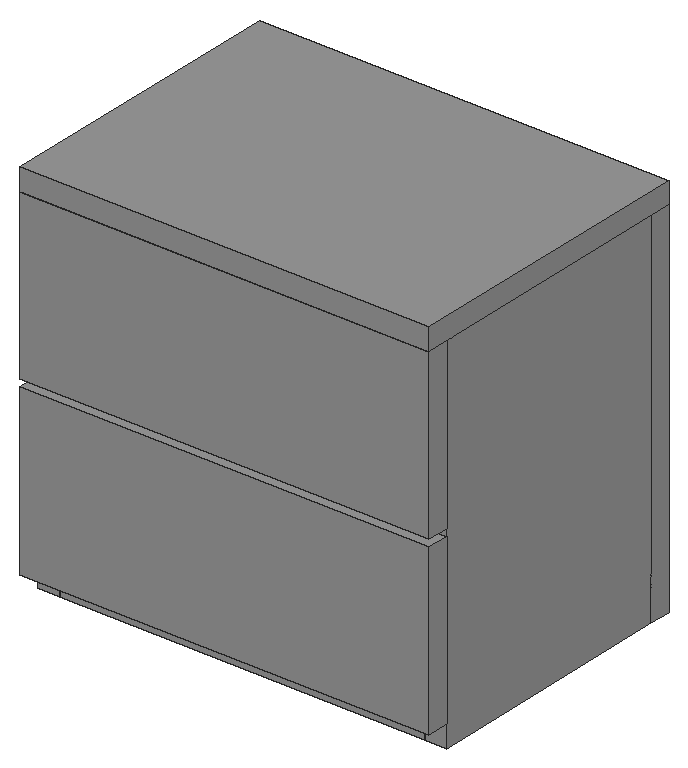
Revit family "MBS_bedside table", category Generic Models, Revit 2014
Parameters (values of type "bedside table main room")
  top thickness = 50 mm
  panel thickness = 30 mm
  closet material = Polyvinyl Chloride, Rigid BEDSIDE2 MBS
  c_top widht = 560 mm
  c_top depht = 410 mm
  c_drawer side widht = c_clos bas pan depht  # 350 mm
  c_drawer front widht = c_clos bas pan widht + 2 * panel thickness  # 560 mm
  c_drawer front height = 230 mm
  c_draw side height = 200 mm
  c_draw bott widht = c_clos bas pan widht - 2 * panel thickness  # 440 mm
  c_darw bott depht = c_clos bas pan depht  # 350 mm
  c_clos side panel depht = c_clos bas pan depht  # 350 mm
  c_clos side pan height = 500 mm
  c_clos bas pan widht = 500 mm
  c_clos bas pan depht = 350 mm
  c_clos back pan widht = c_clos bas pan widht + 2 * panel thickness  # 560 mm
  c_clos back pan height = c_clos side pan height  # 500 mm
Types (3, lengths in mm): name | closet material
  (no name) | Polyvinyl Chloride, Rigid BEDSIDE2 MBS
  bedside table main room | Polyvinyl Chloride, Rigid BEDSIDE2 MBS
  bedside table second room | Polyvinyl Chloride, Rigid BEDSIDE TABLE1 MBS
Reference planes
  plane 1 "Center (Front/Back)": y = 0
  plane 2: z = 0
  plane 3 "Center (Left/Right)": x = 0
  plane 4: y = 372.203
  plane 5: x = 297.839
  plane 6: y = 22.203
  plane 7: x = -202.161
  plane 8: x = -342.161
  plane 9: y = 372.203
  plane 10: y = 22.203
  plane 11: z = 0
  plane 12: z = 500
  plane 13: x = 297.839
  plane 14: x = 297.839
  plane 15: x = 297.839
  plane 16: x = 297.839
  plane 17: x = 297.839
  plane 18: x = 297.839
  plane 19: z = 0
  plane 20: y = 372.203
  plane 21: y = 22.203
  plane 22: z = 500
  plane 23: x = 297.839
  plane 24: x = 297.839
  plane 25: z = 470
  plane 26: y = 372.203
  plane 27: y = 22.203
  plane 28: x = 297.839
  plane 29: x = -202.161
  plane 30: y = 372.203
  plane 31: z = 0
  plane 32: z = 500
  plane 33: x = 327.839
  plane 34: x = -232.161
  plane 35: z = 30
  plane 36: y = 372.203
  plane 37: y = 22.203
  plane 38: z = 230
  plane 39: z = 270
  plane 40: y = 372.203
  plane 41: y = 22.203
  plane 42: z = 470
  plane 43: z = 30
  plane 44: y = 372.203
  plane 45: y = 22.203
  plane 46: z = 230
  plane 47: z = 270
  plane 48: y = 372.203
  plane 49: y = 22.203
  plane 50: z = 470
  plane 51: y = -117.797
  plane 52: z = 500
  plane 53: x = 327.839
  plane 54: z = 270
  plane 55: x = -232.161
  plane 56: z = 260
  plane 57: x = 327.839
  plane 58: z = 30
  plane 59: x = -232.161
  plane 60: z = 30
  plane 61: z = 270
  plane 62: y = 372.203
  plane 63: y = 22.203
  plane 64: x = 267.839
  plane 65: x = -172.161
  plane 66: z = 271.881
  plane 67: y = 372.203
  plane 68: y = 22.203
  plane 69: x = 267.839
  plane 70: x = -172.161
  plane 71: z = 500
  plane 72: y = 402.203
  plane 73: y = -7.797
  plane 74: x = 327.839
  plane 75: x = -232.161
Forms (mm)
  Extrusion 1, solid, material "Polyvinyl Chloride, Rigid BEDSIDE2 MBS" <- "closet material"
    sketch origin (0, 0, 0) x (1, 0, 0) y (0, 1, 0)
      loop
        line (-202.161, 372.203) -> (-202.161, 22.203) -> (297.839, 22.203) -> (297.839, 372.203) -> (-202.161, 372.203)
    from 0 to 30
  Extrusion 2, solid, material "Polyvinyl Chloride, Rigid BEDSIDE2 MBS" <- "closet material"
    sketch origin (-342.161, 1632.235, 732.603) x (0, 0, 1) y (0, 1, 0)
      loop
        line (-732.603, -1260.032) -> (-732.603, -1610.032) -> (-232.603, -1610.032) -> (-232.603, -1260.032) -> (-732.603, -1260.032)
    from -140 to -110
  Extrusion 3, solid, material "Polyvinyl Chloride, Rigid BEDSIDE2 MBS" <- "closet material"
    sketch origin (297.839, 1758.237, -180.672) x (0, 0, -1) y (0, 1, 0)
      loop
        line (-680.672, -1386.034) -> (-680.672, -1736.034) -> (-180.672, -1736.034) -> (-180.672, -1386.034) -> (-680.672, -1386.034)
    from 0 to 30
  Extrusion 4, solid, material "Polyvinyl Chloride, Rigid BEDSIDE2 MBS" <- "closet material"
    sketch origin (151.285, 1715.895, 470) x (1, 0, 0) y (0, 1, 0)
      loop
        line (146.554, -1693.692) -> (146.554, -1343.692) -> (-353.446, -1343.692) -> (-353.446, -1693.692) -> (146.554, -1693.692)
    from 0 to 30
  Extrusion 5, solid, material "Polyvinyl Chloride, Rigid BEDSIDE2 MBS" <- "closet material"
    sketch origin (30, 372.203, -485.587) x (0, 0, -1) y (-1, 0, 0)
      loop
        line (-985.587, -297.839) -> (-485.587, -297.839) -> (-485.587, 262.161) -> (-985.587, 262.161) -> (-985.587, -297.839)
    from 0 to 30
  Extrusion 6, solid, material "Polyvinyl Chloride, Rigid BEDSIDE2 MBS" <- "closet material"
    sketch origin (297.839, -87.929, -503.029) x (0, 0, -1) y (0, -1, 0)
      loop
        line (-733.029, -460.132) -> (-533.029, -460.132) -> (-533.029, -110.132) -> (-733.029, -110.132) -> (-733.029, -460.132)
    from 0 to 30
  Extrusion 7, solid, material "Polyvinyl Chloride, Rigid BEDSIDE2 MBS" <- "closet material"
    sketch origin (297.839, -87.929, -263.029) x (0, 0, -1) y (0, -1, 0)
      loop
        line (-733.029, -460.132) -> (-533.029, -460.132) -> (-533.029, -110.132) -> (-733.029, -110.132) -> (-733.029, -460.132)
    from 0 to 30
  Extrusion 8, solid, material "Polyvinyl Chloride, Rigid BEDSIDE2 MBS" <- "closet material"
    sketch origin (-342.161, -87.929, -503.029) x (0, 0, -1) y (0, 1, 0)
      loop
        line (-733.029, 460.132) -> (-733.029, 110.132) -> (-533.029, 110.132) -> (-533.029, 460.132) -> (-733.029, 460.132)
    from 140 to 170
  Extrusion 9, solid, material "Polyvinyl Chloride, Rigid BEDSIDE2 MBS" <- "closet material"
    sketch origin (-342.161, -87.929, -263.029) x (0, 0, -1) y (0, 1, 0)
      loop
        line (-733.029, 460.132) -> (-733.029, 110.132) -> (-533.029, 110.132) -> (-533.029, 460.132) -> (-733.029, 460.132)
    from 140 to 170
  Extrusion 10, solid, material "Polyvinyl Chloride, Rigid BEDSIDE2 MBS" <- "closet material"
    sketch origin (-605.851, -117.797, 370.299) x (0, 0, 1) y (-1, 0, 0)
      loop
        line (-100.299, -933.69) -> (129.701, -933.69) -> (129.701, -373.69) -> (-100.299, -373.69) -> (-100.299, -933.69)
    from -140 to -110
  Extrusion 11, solid, material "Polyvinyl Chloride, Rigid BEDSIDE2 MBS" <- "closet material"
    sketch origin (-605.851, -117.797, 130.299) x (0, 0, 1) y (-1, 0, 0)
      loop
        line (-100.299, -933.69) -> (129.701, -933.69) -> (129.701, -373.69) -> (-100.299, -373.69) -> (-100.299, -933.69)
    from -140 to -110
  Extrusion 12, solid, material "Polyvinyl Chloride, Rigid BEDSIDE2 MBS" <- "closet material"
    sketch origin (-492.738, 2031.941, 30) x (-1, 0, 0) y (0, -1, 0)
      loop
        line (-760.577, 2009.738) -> (-760.577, 1659.738) -> (-320.577, 1659.738) -> (-320.577, 2009.738) -> (-760.577, 2009.738)
    from 0 to 30
  Extrusion 13, solid, material "Polyvinyl Chloride, Rigid BEDSIDE2 MBS" <- "closet material"
    sketch origin (-492.738, 2031.941, 271.881) x (-1, 0, 0) y (0, -1, 0)
      loop
        line (-760.577, 2009.738) -> (-760.577, 1659.738) -> (-320.577, 1659.738) -> (-320.577, 2009.738) -> (-760.577, 2009.738)
    from 0 to 30
  Extrusion 14, solid, material "Polyvinyl Chloride, Rigid BEDSIDE2 MBS" <- "closet material"
    sketch origin (-331.225, 1603.244, 500) x (1, 0, 0) y (0, 1, 0)
      loop
        line (99.064, -1611.04) -> (659.064, -1611.04) -> (659.064, -1201.04) -> (99.064, -1201.04) -> (99.064, -1611.04)
    from 0 to 30
Dimensions and locks
  "c_clos bas pan widht": plane 7 to plane 5
  "c_clos bas pan depht": plane 6 to plane 4
  "c_clos side panel depht": plane 9 to plane 10
  "c_clos side pan height": plane 11 to plane 12
  "c_clos side pan height": plane 22 to plane 19
  "c_clos side panel depht": plane 20 to plane 21
  "c_clos bas pan depht": plane 26 to plane 27
  "c_clos bas pan widht": plane 28 to plane 29
  "c_clos back pan height": plane 31 to plane 32
  "c_clos back pan widht": plane 33 to plane 34
  "panel thickness": Extrusion 2 to Extrusion 2
  "panel thickness": Extrusion 4 to Extrusion 4
  "panel thickness": Extrusion 3 to Extrusion 3
  "panel thickness": Extrusion 1 to Extrusion 1
  "panel thickness": Extrusion 5 to Extrusion 5
  "c_draw side height": plane 35 to plane 38
  "c_drawer side widht": plane 37 to plane 36
  "panel thickness": Extrusion 6 to Extrusion 6
  "c_draw side height": plane 39 to plane 42
  "c_drawer side widht": plane 41 to plane 40
  "panel thickness": Extrusion 7 to Extrusion 7
  "c_draw side height": plane 43 to plane 46
  "c_drawer side widht": plane 45 to plane 44
  "panel thickness": Extrusion 8 to Extrusion 8
  "c_draw side height": plane 47 to plane 50
  "c_drawer side widht": plane 49 to plane 48
  "panel thickness": Extrusion 9 to Extrusion 9
  "c_drawer front widht": plane 55 to plane 53
  "c_drawer front height": plane 54 to plane 52
  "panel thickness": Extrusion 10 to Extrusion 10
  "c_drawer front widht": plane 59 to plane 57
  "c_drawer front height": plane 58 to plane 56
  "panel thickness": Extrusion 11 to Extrusion 11
  "c_draw bott widht": plane 64 to plane 65
  "c_darw bott depht": plane 62 to plane 63
  "c_draw bott widht": plane 69 to plane 70
  "c_darw bott depht": plane 67 to plane 68
  "panel thickness": Extrusion 12 to Extrusion 12
  "panel thickness": Extrusion 13 to Extrusion 13
  "c_top depht": plane 73 to plane 72
  "c_top widht": plane 75 to plane 74
  "panel thickness": Extrusion 14 to Extrusion 14
  aligned and locked: level to plane 2
  aligned and locked: plane 4 to Extrusion 1 sketch curve
  aligned and locked: plane 5 to Extrusion 1 sketch curve
  aligned and locked: plane 6 to Extrusion 1 sketch curve
  aligned and locked: plane 7 to Extrusion 1 sketch curve
  aligned and locked: plane 9 to Extrusion 2 sketch curve
  aligned and locked: plane 10 to Extrusion 2 sketch curve
  aligned and locked: plane 11 to Extrusion 2 sketch curve
  aligned and locked: plane 12 to Extrusion 2 sketch curve
  aligned and locked: plane 19 to Extrusion 3 sketch curve
  aligned and locked: plane 20 to Extrusion 3 sketch curve
  aligned and locked: plane 22 to Extrusion 3 sketch curve
  aligned and locked: plane 21 to Extrusion 3 sketch curve
  aligned and locked: plane 26 to Extrusion 4 sketch curve
  aligned and locked: plane 28 to Extrusion 4 sketch curve
  aligned and locked: plane 29 to Extrusion 4 sketch curve
  aligned and locked: plane 27 to Extrusion 4 sketch curve
  aligned and locked: plane 31 to Extrusion 5 sketch curve
  aligned and locked: plane 32 to Extrusion 5 sketch curve
  aligned and locked: plane 33 to Extrusion 5 sketch curve
  aligned and locked: plane 34 to Extrusion 5 sketch curve
  aligned and locked: Extrusion 2 to Extrusion 1
  aligned and locked: plane 35 to Extrusion 6 sketch curve
  aligned and locked: Extrusion 6 sketch curve to plane 36
  aligned and locked: Extrusion 6 sketch curve to plane 37
  aligned and locked: Extrusion 6 sketch curve to plane 38
  aligned and locked: plane 39 to Extrusion 7 sketch curve
  aligned and locked: Extrusion 7 sketch curve to plane 40
  aligned and locked: Extrusion 7 sketch curve to plane 41
  aligned and locked: Extrusion 7 sketch curve to plane 42
  aligned and locked: Extrusion 8 sketch curve to plane 43
  aligned and locked: plane 44 to Extrusion 8 sketch curve
  aligned and locked: plane 45 to Extrusion 8 sketch curve
  aligned and locked: plane 46 to Extrusion 8 sketch curve
  aligned and locked: Extrusion 9 sketch curve to plane 47
  aligned and locked: plane 48 to Extrusion 9 sketch curve
  aligned and locked: plane 49 to Extrusion 9 sketch curve
  aligned and locked: plane 50 to Extrusion 9 sketch curve
  aligned and locked: Extrusion 10 sketch curve to plane 52
  aligned and locked: Extrusion 10 sketch curve to plane 53
  aligned and locked: plane 54 to Extrusion 10 sketch curve
  aligned and locked: Extrusion 10 sketch curve to plane 55
  aligned and locked: Extrusion 11 sketch curve to plane 56
  aligned and locked: Extrusion 11 sketch curve to plane 57
  aligned and locked: plane 58 to Extrusion 11 sketch curve
  aligned and locked: Extrusion 11 sketch curve to plane 59
  aligned and locked: Extrusion 9 to Extrusion 2
  aligned and locked: Extrusion 8 to Extrusion 2
  aligned and locked: Extrusion 12 sketch curve to plane 62
  aligned and locked: Extrusion 12 sketch curve to plane 63
  aligned and locked: plane 65 to Extrusion 12 sketch curve
  aligned and locked: Extrusion 12 sketch curve to plane 64
  aligned and locked: Extrusion 13 sketch curve to plane 67
  aligned and locked: Extrusion 13 sketch curve to plane 68
  aligned and locked: plane 70 to Extrusion 13 sketch curve
  aligned and locked: Extrusion 13 sketch curve to plane 69
  aligned and locked: Extrusion 11 to Extrusion 3
  aligned and locked: Extrusion 10 to Extrusion 3
  aligned and locked: plane 72 to Extrusion 14 sketch curve
  aligned and locked: plane 73 to Extrusion 14 sketch curve
  aligned and locked: plane 74 to Extrusion 14 sketch curve
  aligned and locked: plane 75 to Extrusion 14 sketch curve
